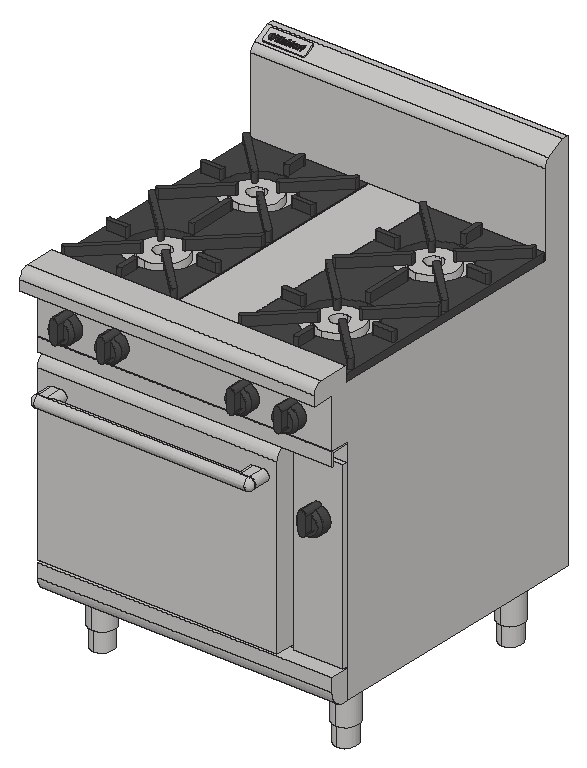
Revit family "QF_MOFFAT WALDORF_RN8510G", category Specialty Equipment, Revit 2012 (continued)
Lines and regions (mm)
  symbolic lines
    curve 170: arc (375, -617.037, 0) -> (367, -625.037, 0) -> (375, -633.037, 0) r 8
    curve 171: arc (422.424, -633.037, 0) -> (430.424, -625.037, 0) -> (422.424, -617.037, 0) r 8
    curve 172: arc (422.424, -617.037, 0) -> (414.424, -625.037, 0) -> (422.424, -633.037, 0) r 8
    curve 173: arc (327.576, -667.037, 0) -> (335.576, -659.037, 0) -> (327.576, -651.037, 0) r 8
    curve 174: arc (327.576, -651.037, 0) -> (319.576, -659.037, 0) -> (327.576, -667.037, 0) r 8
    curve 175: arc (375, -667.037, 0) -> (383, -659.037, 0) -> (375, -651.037, 0) r 8
    curve 176: arc (375, -651.037, 0) -> (367, -659.037, 0) -> (375, -667.037, 0) r 8
    curve 177: arc (422.424, -667.037, 0) -> (430.424, -659.037, 0) -> (422.424, -651.037, 0) r 8
    curve 178: arc (422.424, -651.037, 0) -> (414.424, -659.037, 0) -> (422.424, -667.037, 0) r 8
    curve 179: arc (600, -180.5, 0) -> (657, -237.5, 0) -> (600, -294.5, 0) r 57
    curve 180: arc (600, -294.5, 0) -> (543, -237.5, 0) -> (600, -180.5, 0) r 57
    curve 181: arc (600, -480.5, 0) -> (657, -537.5, 0) -> (600, -594.5, 0) r 57
    curve 182: arc (600, -594.5, 0) -> (543, -537.5, 0) -> (600, -480.5, 0) r 57
    curve 183: line (744.158, -93.966, 0) -> (628.964, -209.16, 0)
    curve 184: line (600.012, -91.33, 0) -> (600.012, -152.5, 0)
    curve 185: line (745.74, -237.366, 0) -> (685.74, -237.366, 0)
    curve 186: line (628.879, -265.113, 0) -> (743.415, -379.648, 0)
    curve 187: line (572.204, -265.64, 0) -> (462.603, -375.241, 0)
    curve 188: line (573.212, -209.684, 0) -> (463.528, -100, 0)
    curve 189: line (744.158, -681.034, 0) -> (628.964, -565.84, 0)
    curve 190: line (600.012, -683.67, 0) -> (600.012, -622.768, 0)
    curve 191: line (745.74, -537.634, 0) -> (685.74, -537.634, 0)
    curve 192: line (628.879, -509.887, 0) -> (743.415, -395.352, 0)
    curve 193: line (572.204, -509.36, 0) -> (465.344, -402.5, 0)
    curve 194: line (600.012, -447.347, 0) -> (600.012, -325.257, 0)
    curve 195: line (573.212, -565.316, 0) -> (463.611, -674.918, 0)
    curve 196: line (750, -387.5, 0) -> (450, -387.5, 0)
    curve 197: line (454.26, -237.366, 0) -> (514.26, -237.366, 0)
    curve 198: line (454.26, -537.634, 0) -> (514.26, -537.634, 0)
    curve 199: line (295.74, -237.366, 0) -> (235.74, -237.366, 0)
    curve 200: line (295.74, -537.634, 0) -> (240.74, -537.634, 0)
    curve 201: line (474.77, -20.984, 0) -> (454.77, -20.984, 0)
    curve 202: line (454.77, -20.984, 0) -> (454.77, -50.782, 0)
    curve 203: line (454.77, -50.782, 0) -> (474.77, -50.782, 0)
    curve 204: line (474.77, -50.782, 0) -> (474.77, -20.984, 0)
    curve 205: line (502.399, -20.984, 0) -> (482.399, -20.984, 0)
    curve 206: line (482.399, -20.984, 0) -> (482.399, -50.782, 0)
    curve 207: line (482.399, -50.782, 0) -> (502.399, -50.782, 0)
    curve 208: line (502.399, -50.782, 0) -> (502.399, -20.984, 0)
    curve 209: line (529.814, -20.984, 0) -> (509.814, -20.984, 0)
    curve 210: line (509.814, -20.984, 0) -> (509.814, -50.782, 0)
    curve 211: line (509.814, -50.782, 0) -> (529.814, -50.782, 0)
    curve 212: line (529.814, -50.782, 0) -> (529.814, -20.984, 0)
    curve 213: line (557.228, -20.984, 0) -> (537.228, -20.984, 0)
    curve 214: line (537.228, -20.984, 0) -> (537.228, -50.782, 0)
    curve 215: line (537.228, -50.782, 0) -> (557.228, -50.782, 0)
    curve 216: line (557.228, -50.782, 0) -> (557.228, -20.984, 0)
    curve 217: line (584.643, -20.984, 0) -> (564.643, -20.984, 0)
    curve 218: line (564.643, -20.984, 0) -> (564.643, -50.782, 0)
    curve 219: line (564.643, -50.782, 0) -> (584.643, -50.782, 0)
    curve 220: line (584.643, -50.782, 0) -> (584.643, -20.984, 0)
    curve 221: line (612.058, -20.984, 0) -> (592.058, -20.984, 0)
    curve 222: line (592.058, -20.984, 0) -> (592.058, -50.782, 0)
    curve 223: line (592.058, -50.782, 0) -> (612.058, -50.782, 0)
    curve 224: line (612.058, -50.782, 0) -> (612.058, -20.984, 0)
    curve 228: line (300, -70, 0) -> (300, -704, 0)
    curve 229: line (450, -74, 0) -> (450, -701, 0)
    curve 230: arc (149.992, -152.5, 0) -> (234.992, -237.5, 0) -> (149.992, -322.5, 0) r 85
    curve 231: arc (149.992, -322.5, 0) -> (64.992, -237.5, 0) -> (149.992, -152.5, 0) r 85
    curve 232: arc (149.988, -452.768, 0) -> (234.988, -537.768, 0) -> (149.988, -622.768, 0) r 85
    curve 233: arc (149.988, -622.768, 0) -> (64.988, -537.768, 0) -> (149.988, -452.768, 0) r 85
    curve 234: arc (600.012, -322.5, 0) -> (515.012, -237.5, 0) -> (600.012, -152.5, 0) r 85
    curve 235: arc (600.012, -152.5, 0) -> (685.012, -237.5, 0) -> (600.012, -322.5, 0) r 85
    curve 236: arc (600.012, -622.768, 0) -> (515.012, -537.768, 0) -> (600.012, -452.768, 0) r 85
    curve 237: arc (600.012, -452.768, 0) -> (685.012, -537.768, 0) -> (600.012, -622.768, 0) r 85
    curve 238: arc (149.911, -216.75, 150) -> (171.911, -238.75, 150) -> (149.911, -260.75, 150) r 22
    curve 239: arc (149.911, -260.75, 150) -> (127.911, -238.75, 150) -> (149.911, -216.75, 150) r 22
    curve 240: arc (149.911, -515.5, 150) -> (171.911, -537.5, 150) -> (149.911, -559.5, 150) r 22
    curve 241: arc (149.911, -559.5, 150) -> (127.911, -537.5, 150) -> (149.911, -515.5, 150) r 22
    curve 242: arc (600, -215.5, 150) -> (622, -237.5, 150) -> (600, -259.5, 150) r 22
    curve 243: arc (600, -259.5, 150) -> (578, -237.5, 150) -> (600, -215.5, 150) r 22
    curve 244: arc (600, -515.5, 150) -> (622, -537.5, 150) -> (600, -559.5, 150) r 22
    curve 245: arc (600, -559.5, 150) -> (578, -537.5, 150) -> (600, -515.5, 150) r 22
  symbolic lines, visible <- "Show Logo"
    curve 5: line (12.5, -51.234, 0) -> (12.5, -20.958, 0)
    curve 6: line (12.5, -20.958, 0) -> (121.5, -20.958, 0)
    curve 7: line (12.5, -51.234, 0) -> (121.5, -51.234, 0)
    curve 8: line (121.5, -20.958, 0) -> (121.5, -51.234, 0)
  symbolic lines, style "QF_Door-Drawer Clearances", visible <- "Show Clearance"
    curve 225: line (0, -805, 0) -> (0, -1211.516, 0)
    curve 226: line (0, -1211.516, 0) -> (610, -1211.516, 0)
    curve 227: line (610, -1211.516, 0) -> (610, -805, 0)
Dimensions and locks
  equal spacing: plane 3 "LEFT", plane 7 "Center Y", plane 4 "RIGHT"
  plane 3 "LEFT" to plane 4 "RIGHT" = 750 mm
  equal spacing: plane 5 "FRONT", plane 8 "Center X", plane 1 "BACK"
  plane 5 "FRONT" to plane 1 "BACK" = 805 mm  (x2)
  equal spacing: plane 4 "RIGHT", plane 7 "Center Y", plane 3 "LEFT"
  plane 4 "RIGHT" to plane 3 "LEFT" = 750 mm
  plane 6 "TOP" to level = 1130 mm  (x2)
  Extrusion 2 to level = 655 mm
  Extrusion 2 to plane 1 "BACK" = 32 mm
  Extrusion 1 to level = 915 mm
  plane 10 "Base Height" to level = 150 mm
  plane 6 "TOP" to plane 2 = 1130 mm
  locked: plane 2 to Extrusion 1 sketch curve at 875
  locked: plane 2 to Extrusion 1 sketch curve at 915
  Extrusion 5 sketch curve to plane 11 = 64.8 mm
  locked: plane 13 to plane 4 "RIGHT" at 65
  plane 14 to Extrusion 11 sketch curve = 64.8 mm
  plane 1 "BACK" to plane 15 = 500 mm
  aligned and locked: level to plane 2
  aligned and locked: curve 3 to plane 4 "RIGHT"
  aligned and locked: Extrusion 5 to curve 48
  aligned and locked: Extrusion 1 to plane 4 "RIGHT"
  aligned and locked: Revolve 8 to plane 13  (x5)
  aligned and locked: Revolve 7 to plane 13
  aligned and locked: Extrusion 9 to Extrusion 5
Automatic sketch dimensions
  curve 30 to curve 31 = 0 mm  (x2)
  curve 32 to curve 33 = 0 mm  (x2)
  curve 77 to curve 78 = 0 mm  (x2)
  curve 79 to curve 80 = 0 mm  (x2)
  curve 81 to curve 82 = 0 mm  (x2)
  curve 83 to curve 84 = 0 mm  (x2)
  curve 85 to curve 86 = 0 mm  (x2)
  curve 87 to curve 88 = 0 mm  (x2)
  curve 89 to curve 90 = 0 mm  (x2)
  curve 91 to curve 92 = 0 mm  (x2)
  curve 93 to curve 94 = 0 mm  (x2)
  curve 95 to curve 96 = 0 mm  (x2)
  curve 97 to curve 98 = 0 mm  (x2)
  curve 99 to curve 100 = 0 mm  (x2)
  curve 101 to curve 102 = 0 mm  (x2)
  curve 103 to curve 104 = 0 mm  (x2)
  curve 105 to curve 106 = 0 mm  (x2)
  curve 107 to curve 108 = 0 mm  (x2)
  curve 109 to curve 110 = 0 mm  (x2)
  curve 111 to curve 112 = 0 mm  (x2)
  curve 113 to curve 114 = 0 mm  (x2)
  curve 115 to curve 116 = 0 mm  (x2)
  curve 117 to curve 118 = 0 mm  (x2)
  curve 119 to curve 120 = 0 mm  (x2)
  curve 121 to curve 122 = 0 mm  (x2)
  curve 123 to curve 124 = 0 mm  (x2)
  curve 125 to curve 126 = 0 mm  (x2)
  curve 127 to curve 128 = 0 mm  (x2)
  curve 129 to curve 130 = 0 mm  (x2)
  curve 131 to curve 132 = 0 mm  (x2)
  curve 133 to curve 134 = 0 mm  (x2)
  curve 135 to curve 136 = 0 mm  (x2)
  curve 137 to curve 138 = 0 mm  (x2)
  curve 139 to curve 140 = 0 mm  (x2)
  curve 141 to curve 142 = 0 mm  (x2)
  curve 143 to curve 144 = 0 mm  (x2)
  curve 145 to curve 146 = 0 mm  (x2)
  curve 147 to curve 148 = 0 mm  (x2)
  curve 149 to curve 150 = 0 mm  (x2)
  curve 151 to curve 152 = 0 mm  (x2)
  curve 153 to curve 154 = 0 mm  (x2)
  curve 155 to curve 156 = 0 mm  (x2)
  curve 157 to curve 158 = 0 mm  (x2)
  curve 159 to curve 160 = 0 mm  (x2)
  curve 161 to curve 162 = 0 mm  (x2)
  curve 163 to curve 164 = 0 mm  (x2)
  curve 165 to curve 166 = 0 mm  (x2)
  curve 167 to curve 168 = 0 mm  (x2)
  curve 169 to curve 170 = 0 mm  (x2)
  curve 171 to curve 172 = 0 mm  (x2)
  curve 173 to curve 174 = 0 mm  (x2)
  curve 175 to curve 176 = 0 mm  (x2)
  curve 177 to curve 178 = 0 mm  (x2)
  curve 179 to curve 180 = 0 mm  (x2)
  curve 181 to curve 182 = 0 mm  (x2)
  curve 230 to curve 231 = 0 mm  (x2)
  curve 232 to curve 233 = 0 mm  (x2)
  curve 234 to curve 235 = 0 mm  (x2)
  curve 236 to curve 237 = 0 mm  (x2)
  plane 1 "BACK" to curve 1 = 0 mm
  curve 1 to plane 3 "LEFT" = 0 mm
  curve 44 to plane 8 "Center X" = 0 mm
  curve 39 to plane 9 = 0 mm
  curve 109 to plane 7 "Center Y" = 0 mm
  curve 158 to plane 7 "Center Y" = 0 mm
  curve 103 to plane 7 "Center Y" = 0 mm
  curve 163 to plane 7 "Center Y" = 0 mm
  curve 115 to plane 7 "Center Y" = 0 mm
  curve 98 to plane 7 "Center Y" = 0 mm
  curve 92 to plane 7 "Center Y" = 0 mm
  curve 121 to plane 7 "Center Y" = 0 mm
  curve 152 to plane 7 "Center Y" = 0 mm
  curve 169 to plane 7 "Center Y" = 0 mm
  curve 127 to plane 7 "Center Y" = 0 mm
  curve 86 to plane 7 "Center Y" = 0 mm
  curve 80 to plane 7 "Center Y" = 0 mm
  curve 133 to plane 7 "Center Y" = 0 mm
  curve 146 to plane 7 "Center Y" = 0 mm
  curve 175 to plane 7 "Center Y" = 0 mm
  curve 139 to plane 7 "Center Y" = 0 mm
  curve 188 to plane 9 = 0 mm
  curve 193 to plane 8 "Center X" = 0 mm
  plane 5 "FRONT" to curve 227 = 0 mm
  plane 3 "LEFT" to curve 36 = 4.26 mm
  plane 3 "LEFT" to curve 42 = 4.26 mm
  plane 3 "LEFT" to curve 34 = 5.842 mm
  plane 3 "LEFT" to curve 40 = 5.842 mm
  plane 3 "LEFT" to curve 43 = 6.585 mm
  plane 3 "LEFT" to curve 37 = 6.585 mm
  plane 3 "LEFT" to curve 5 = 12.5 mm
  curve 36 to curve 36 = 60 mm
  curve 42 to curve 42 = 60 mm
  curve 36 to curve 34 = 56.776 mm
  curve 42 to curve 40 = 56.776 mm
  curve 34 to curve 37 = 0.085 mm
  curve 43 to plane 15 = 9.887 mm
  curve 40 to curve 43 = 0.085 mm
  plane 9 to curve 8 = 48.766 mm
  curve 5 to curve 8 = 109 mm
  curve 7 to curve 13 = 6.5 mm
  curve 10 to curve 11 = 20 mm
  curve 43 to curve 45 = 28.867 mm
  curve 45 to curve 230 = 0.004 mm
  curve 230 to curve 31 = 0.008 mm
  curve 45 to curve 33 = 0.012 mm
  curve 12 to curve 14 = 6.789 mm
  curve 14 to curve 16 = 20 mm
  curve 30 to curve 39 = 26.788 mm
  curve 46 to plane 15 = 65.316 mm
  curve 232 to curve 46 = 26.8 mm
  curve 30 to curve 38 = 27.796 mm
  curve 44 to plane 15 = 9.36 mm
  curve 32 to curve 44 = 27.796 mm
  curve 16 to curve 20 = 7.678 mm
  curve 20 to curve 20 = 20 mm
  curve 19 to curve 24 = 6.624 mm
  curve 22 to curve 25 = 20 mm
  curve 22 to curve 26 = 6.624 mm
  curve 38 to curve 199 = 57.944 mm
  curve 44 to curve 200 = 62.944 mm
  curve 26 to curve 29 = 20 mm
  curve 26 to curve 49 = 6.936 mm
  curve 49 to curve 49 = 20 mm
  curve 44 to curve 48 = 15.344 mm
  curve 46 to curve 228 = 13.611 mm
  curve 39 to curve 228 = 13.528 mm
  plane 8 "Center X" to curve 38 = 27.259 mm
  curve 38 to curve 48 = 12.603 mm
  curve 51 to curve 54 = 7.415 mm
  curve 199 to curve 199 = 60 mm
  curve 200 to curve 200 = 55 mm
  curve 54 to curve 55 = 20 mm
  curve 53 to curve 57 = 7.415 mm
  plane 15 to curve 144 = 10.963 mm
  curve 144 to curve 145 = 47.424 mm
  curve 161 to curve 163 = 47.424 mm
  curve 107 to curve 109 = 47.424 mm
  curve 138 to curve 143 = 0 mm
  curve 77 to plane 9 = 15.037 mm
  curve 39 to curve 77 = 41.104 mm
  curve 149 to curve 143 = 0 mm
  curve 132 to curve 137 = 0 mm
  curve 46 to curve 174 = 41.187 mm
  curve 83 to curve 77 = 0 mm
  plane 8 "Center X" to curve 126 = 7.463 mm
  curve 126 to curve 131 = 0 mm
  curve 89 to curve 83 = 0 mm
  curve 120 to curve 125 = 0 mm
  curve 168 to curve 173 = 0 mm
  curve 95 to curve 89 = 0 mm
  curve 155 to curve 161 = 0 mm
  curve 114 to curve 119 = 0 mm
  curve 101 to curve 95 = 0 mm
  curve 58 to curve 60 = 20 mm
  curve 57 to curve 62 = 7.415 mm
  curve 63 to plane 7 "Center Y" = 10.104 mm
  curve 65 to plane 7 "Center Y" = 2.689 mm
  plane 7 "Center Y" to curve 65 = 17.311 mm
  curve 65 to curve 70 = 7.415 mm
  curve 70 to curve 71 = 20 mm
  plane 15 to curve 147 = 2.963 mm
  plane 7 "Center Y" to curve 147 = 47.424 mm
  curve 135 to plane 8 "Center X" = 18.537 mm
  plane 7 "Center Y" to curve 135 = 47.424 mm
  plane 8 "Center X" to curve 130 = 7.463 mm
  curve 130 to curve 135 = 0 mm
  curve 124 to curve 129 = 0 mm
  curve 153 to curve 147 = 0 mm
  curve 118 to curve 123 = 0 mm
  curve 112 to curve 117 = 0 mm
  curve 159 to curve 153 = 0 mm
  curve 106 to curve 111 = 0 mm
  curve 100 to curve 105 = 0 mm
  curve 165 to curve 159 = 0 mm
  curve 94 to curve 99 = 0 mm
  curve 88 to curve 93 = 0 mm
  curve 171 to curve 165 = 0 mm
  curve 82 to curve 87 = 0 mm
  curve 141 to curve 147 = 0 mm
  curve 177 to curve 171 = 0 mm
  curve 69 to curve 74 = 7.415 mm
  curve 73 to curve 73 = 20 mm
  curve 129 to curve 196 = 27.576 mm
  curve 105 to curve 197 = 31.836 mm
  curve 153 to curve 198 = 31.836 mm
  curve 73 to curve 202 = 7.629 mm
  plane 8 "Center X" to curve 187 = 27.259 mm
  curve 196 to curve 187 = 12.603 mm
  curve 229 to curve 188 = 13.528 mm
  curve 229 to curve 195 = 13.611 mm
  curve 196 to curve 193 = 15.344 mm
  curve 201 to curve 204 = 20 mm
  curve 201 to curve 205 = 7.629 mm
  curve 205 to curve 205 = 20 mm
  curve 205 to curve 210 = 7.415 mm
  curve 198 to curve 198 = 60 mm
  curve 197 to curve 197 = 60 mm
  curve 210 to curve 212 = 20 mm
  curve 209 to curve 214 = 7.415 mm
  curve 213 to curve 213 = 20 mm
  curve 213 to curve 217 = 7.415 mm
  curve 187 to plane 12 = 47.796 mm
  curve 193 to plane 15 = 9.36 mm
  curve 193 to plane 12 = 47.796 mm
  curve 195 to plane 12 = 46.788 mm
  curve 188 to plane 12 = 46.788 mm
  curve 218 to curve 219 = 20 mm
  curve 219 to curve 222 = 7.415 mm
  curve 227 to plane 12 = 10 mm
  curve 182 to plane 12 = 20 mm
  curve 179 to plane 12 = 20 mm
  plane 9 to curve 184 = 8.67 mm
  curve 184 to plane 12 = 19.988 mm
  curve 237 to plane 12 = 19.988 mm
  curve 194 to curve 234 = 0 mm
  curve 221 to plane 12 = 7.942 mm
  plane 12 to curve 186 = 8.879 mm
  plane 12 to curve 192 = 8.879 mm
  plane 12 to curve 189 = 8.964 mm
  plane 12 to curve 183 = 8.964 mm
  curve 191 to plane 13 = 0.74 mm
  curve 185 to plane 13 = 0.74 mm
  plane 4 "RIGHT" to curve 192 = 6.585 mm
  plane 4 "RIGHT" to curve 186 = 6.585 mm
  plane 4 "RIGHT" to curve 183 = 5.842 mm
  plane 4 "RIGHT" to curve 189 = 5.842 mm
  plane 4 "RIGHT" to curve 191 = 4.26 mm
  plane 4 "RIGHT" to curve 185 = 4.26 mm
  curve 226 to curve 1 = 406.516 mm
  curve 9 to plane 5 "FRONT" = 100 mm
  curve 228 to plane 5 "FRONT" = 101 mm
  curve 229 to plane 5 "FRONT" = 104 mm
  curve 190 to plane 5 "FRONT" = 121.33 mm
  curve 41 to plane 5 "FRONT" = 121.33 mm
  curve 9 to curve 40 = 23.966 mm
  curve 9 to curve 189 = 23.966 mm
  curve 228 to curve 46 = 29.082 mm
  curve 229 to curve 195 = 26.082 mm
  curve 229 to curve 175 = 33.963 mm
  curve 195 to curve 178 = 7.88 mm
  curve 46 to curve 173 = 7.88 mm
  curve 173 to curve 173 = 8 mm
  curve 175 to curve 176 = 8 mm
  curve 177 to curve 177 = 8 mm
  curve 173 to curve 168 = 18 mm
  curve 175 to curve 170 = 18 mm
  curve 177 to curve 171 = 18 mm
  curve 171 to curve 171 = 8 mm
  curve 169 to curve 170 = 8 mm
  curve 167 to curve 167 = 8 mm
  curve 190 to curve 237 = 60.902 mm
  curve 41 to curve 41 = 60.902 mm
  curve 171 to curve 165 = 18 mm
  curve 169 to curve 163 = 18 mm
  curve 167 to curve 162 = 18 mm
  curve 41 to curve 33 = 28.268 mm
  curve 190 to curve 182 = 28.268 mm
  curve 165 to curve 165 = 8 mm
  curve 163 to curve 163 = 8 mm
  curve 161 to curve 162 = 8 mm
  curve 181 to curve 189 = 28.66 mm
  curve 32 to curve 40 = 28.66 mm
  curve 182 to curve 195 = 29.184 mm
  curve 163 to curve 158 = 18 mm
  curve 161 to curve 155 = 18 mm
  curve 165 to curve 160 = 18 mm
  curve 159 to curve 160 = 8 mm
  curve 157 to curve 157 = 8 mm
  curve 155 to curve 156 = 8 mm
  curve 237 to plane 15 = 37.768 mm
  curve 233 to plane 15 = 37.768 mm
  curve 191 to plane 15 = 37.634 mm
  curve 200 to plane 15 = 37.634 mm
  curve 198 to plane 15 = 37.634 mm
  curve 42 to plane 15 = 37.634 mm
  curve 236 to curve 182 = 0.268 mm
  curve 232 to curve 32 = 0.268 mm
  curve 159 to curve 153 = 18 mm
  curve 155 to curve 149 = 18 mm
  curve 157 to curve 152 = 18 mm
  curve 153 to curve 154 = 8 mm
  curve 151 to curve 151 = 8 mm
  curve 149 to curve 150 = 8 mm
  curve 192 to plane 15 = 9.887 mm
  plane 15 to curve 146 = 2.963 mm
  plane 15 to curve 143 = 2.963 mm
  curve 145 to curve 145 = 8 mm
  curve 147 to curve 147 = 8 mm
  curve 147 to curve 142 = 18 mm
  curve 143 to curve 138 = 18 mm
  curve 145 to curve 139 = 18 mm
  curve 141 to curve 141 = 8 mm
  curve 139 to curve 139 = 8 mm
  curve 137 to curve 138 = 8 mm
  curve 236 to curve 194 = 5.421 mm
  curve 137 to curve 132 = 18 mm
  curve 136 to curve 135 = 8 mm
  curve 139 to curve 134 = 18 mm
  curve 133 to curve 133 = 8 mm
  curve 131 to curve 132 = 8 mm
  plane 8 "Center X" to curve 192 = 7.148 mm
  plane 8 "Center X" to curve 43 = 7.148 mm
  plane 8 "Center X" to curve 127 = 7.463 mm
  plane 8 "Center X" to curve 48 = 15 mm
  curve 192 to curve 196 = 7.852 mm
  curve 125 to curve 126 = 8 mm
  curve 127 to curve 128 = 8 mm
  curve 129 to curve 129 = 8 mm
  curve 196 to curve 186 = 7.852 mm
  curve 48 to curve 37 = 7.852 mm
  curve 129 to curve 124 = 18 mm
  curve 125 to curve 119 = 18 mm
  curve 127 to curve 122 = 18 mm
  curve 123 to curve 124 = 8 mm
  curve 121 to curve 122 = 8 mm
  curve 119 to curve 120 = 8 mm
  curve 121 to curve 115 = 18 mm
  curve 119 to curve 113 = 18 mm
  curve 123 to curve 117 = 18 mm
  plane 8 "Center X" to curve 194 = 77.243 mm
  plane 8 "Center X" to curve 45 = 77.397 mm
  curve 45 to curve 230 = 2.603 mm
  curve 194 to curve 235 = 2.757 mm
  curve 117 to curve 118 = 8 mm
  curve 113 to curve 114 = 8 mm
  curve 115 to curve 115 = 8 mm
  curve 234 to curve 179 = 28 mm
  curve 230 to curve 31 = 28 mm
  curve 117 to curve 112 = 18 mm
  curve 113 to curve 108 = 18 mm
  curve 115 to curve 110 = 18 mm
  curve 109 to curve 109 = 8 mm
  curve 111 to curve 112 = 8 mm
  curve 107 to curve 108 = 8 mm
  curve 180 to curve 187 = 28.86 mm
  curve 31 to curve 38 = 28.86 mm
  curve 179 to curve 186 = 29.387 mm
  curve 30 to curve 37 = 29.387 mm
  curve 111 to curve 106 = 18 mm
  curve 107 to curve 101 = 18 mm
  curve 109 to curve 103 = 18 mm
  curve 101 to curve 102 = 8 mm
  curve 103 to curve 103 = 8 mm
  curve 105 to curve 106 = 8 mm
  curve 38 to curve 230 = 28.14 mm
  curve 187 to curve 179 = 28.14 mm
  curve 230 to curve 31 = 0 mm
  curve 179 to curve 234 = 0 mm
  curve 37 to curve 36 = 27.747 mm
  curve 105 to curve 197 = 5.671 mm
  curve 186 to curve 185 = 27.747 mm
  curve 101 to curve 199 = 5.671 mm
  curve 101 to curve 95 = 18 mm
  curve 105 to curve 99 = 18 mm
  curve 103 to curve 97 = 18 mm
  curve 99 to curve 100 = 8 mm
  curve 97 to curve 98 = 8 mm
  curve 95 to curve 96 = 8 mm
  curve 30 to curve 39 = 27.816 mm
  curve 179 to curve 188 = 27.816 mm
  curve 234 to curve 183 = 28.34 mm
  curve 230 to curve 34 = 28.34 mm
  curve 99 to curve 93 = 18 mm
  curve 97 to curve 91 = 18 mm
  curve 95 to curve 89 = 18 mm
  curve 89 to curve 90 = 8 mm
  curve 93 to curve 94 = 8 mm
  curve 91 to curve 91 = 8 mm
  curve 89 to curve 83 = 18 mm
  curve 91 to curve 85 = 18 mm
  curve 93 to curve 87 = 18 mm
  curve 83 to curve 83 = 8 mm
  curve 85 to curve 86 = 8 mm
  curve 87 to curve 88 = 8 mm
  curve 87 to curve 81 = 18 mm
  curve 77 to curve 77 = 8 mm
  curve 85 to curve 80 = 18 mm
  curve 81 to curve 82 = 8 mm
  curve 79 to curve 80 = 8 mm
  plane 9 to curve 183 = 6.034 mm
  plane 9 to curve 34 = 6.034 mm
  plane 9 to curve 35 = 8.67 mm
  plane 9 to curve 229 = 26 mm
  curve 47 to curve 5 = 18.766 mm
  curve 184 to curve 219 = 40.547 mm
  curve 219 to curve 222 = 0 mm
  curve 228 to curve 50 = 19.218 mm
  curve 7 to curve 13 = 0.452 mm
  curve 51 to curve 54 = 0 mm
  curve 55 to curve 58 = 0 mm
  curve 29 to curve 50 = 0 mm
  curve 59 to curve 62 = 0 mm
  curve 216 to curve 218 = 0 mm
  curve 25 to curve 27 = 0 mm
  curve 63 to curve 66 = 0 mm
  curve 67 to curve 70 = 0 mm
  curve 212 to curve 214 = 0 mm
  curve 21 to curve 23 = 0 mm
  curve 208 to curve 210 = 0 mm
  curve 71 to curve 74 = 0 mm
  curve 12 to curve 17 = 0 mm
  curve 204 to curve 206 = 0 mm
  plane 1 "BACK" to curve 202 = 20.984 mm
  plane 1 "BACK" to curve 14 = 20.984 mm
  plane 1 "BACK" to curve 205 = 20.984 mm
  curve 15 to curve 18 = 0 mm
  plane 1 "BACK" to curve 209 = 20.984 mm
  plane 1 "BACK" to curve 22 = 20.984 mm
  plane 1 "BACK" to curve 213 = 20.984 mm
  plane 1 "BACK" to curve 26 = 20.984 mm
  plane 1 "BACK" to curve 217 = 20.984 mm
  plane 1 "BACK" to curve 49 = 20.984 mm
  plane 1 "BACK" to curve 221 = 20.984 mm
  plane 1 "BACK" to curve 53 = 20.984 mm
  plane 1 "BACK" to curve 57 = 20.984 mm
  curve 12 to curve 14 = 0 mm
  plane 1 "BACK" to curve 61 = 20.984 mm
  plane 1 "BACK" to curve 65 = 20.984 mm
  curve 76 to curve 201 = 0 mm
  curve 69 to curve 73 = 0 mm
  curve 10 to curve 6 = 0.026 mm
  Extrusion 1 sketch curve to plane 5 "FRONT" = 0 mm
  Extrusion 1 sketch curve to plane 10 "Base Height" = 0 mm  (x2)
  Extrusion 1 sketch curve to plane 6 "TOP" = 0 mm
  Extrusion 1 sketch curve to plane 1 "BACK" = 0 mm
  Extrusion 1 sketch curve to plane 5 "FRONT" = 24 mm
  Extrusion 1 sketch curve to plane 5 "FRONT" = 56 mm  (x2)
  Extrusion 1 sketch curve to Extrusion 1 sketch curve = 0 mm  (x2)
  Extrusion 1 sketch curve to Extrusion 1 sketch curve = 3.02 mm
  Extrusion 1 sketch curve to Extrusion 1 sketch curve = 23.174 mm
  Extrusion 1 sketch curve to Extrusion 1 sketch curve = 38 mm
  Extrusion 1 sketch curve to Extrusion 1 sketch curve = 44 mm
  Extrusion 1 sketch curve to Extrusion 1 sketch curve = 10 mm
  Extrusion 1 sketch curve to Extrusion 1 sketch curve = 44.98 mm
  Extrusion 1 sketch curve to Extrusion 1 sketch curve = 21.805 mm
  Extrusion 1 sketch curve to Extrusion 1 sketch curve = 2 mm  (x2)
  plane 9 to Extrusion 1 sketch curve = 30 mm
  Extrusion 1 sketch curve to Extrusion 1 sketch curve = 11.291 mm
  Extrusion 1 sketch curve to Extrusion 1 sketch curve = 22.582 mm
  plane 1 "BACK" to Extrusion 1 sketch curve = 16.5 mm
  Extrusion 1 sketch curve to Extrusion 1 sketch curve = 34.5 mm
  Extrusion 1 sketch curve to Extrusion 1 sketch curve = 5 mm
  Extrusion 1 sketch curve to Extrusion 1 sketch curve = 208.695 mm
  Extrusion 1 sketch curve to Extrusion 1 sketch curve = 10.5 mm
  Extrusion 1 sketch curve to Extrusion 1 sketch curve = 42.5 mm
  Extrusion 1 sketch curve to Extrusion 1 sketch curve = 3 mm
  Extrusion 1 sketch curve to Extrusion 1 sketch curve = 25 mm
  Extrusion 1 sketch curve to plane 6 "TOP" = 43.926 mm
  plane 12 to Extrusion 2 sketch curve = 0.062 mm
  plane 1 "BACK" to Extrusion 2 sketch curve = 32 mm
  Extrusion 1 to Split face 1 sketch curve = 5.177 mm
  Split face 1 sketch curve to Extrusion 1 = 9.153 mm
  Split face 1 sketch curve to Extrusion 1 = 128 mm
  Split face 1 sketch curve to Split face 1 sketch curve = 20 mm
  Extrusion 1 to Split face 2 sketch curve = 5.177 mm
  Split face 2 sketch curve to Extrusion 1 = 9.153 mm
  Split face 2 sketch curve to Extrusion 1 = 154.789 mm
  Split face 2 sketch curve to Split face 2 sketch curve = 20 mm
  Extrusion 1 to Split face 3 sketch curve = 5.177 mm
  Split face 3 sketch curve to Extrusion 1 = 9.153 mm
  Split face 3 sketch curve to Extrusion 1 = 182.467 mm
  Split face 3 sketch curve to Split face 3 sketch curve = 20 mm
  Extrusion 1 to Split face 4 sketch curve = 5.177 mm
  Split face 4 sketch curve to Extrusion 1 = 9.153 mm
  Split face 4 sketch curve to Extrusion 1 = 209.091 mm
  Split face 4 sketch curve to Split face 4 sketch curve = 20 mm
  Extrusion 1 to Split face 5 sketch curve = 5.177 mm
  Split face 5 sketch curve to Extrusion 1 = 9.153 mm
  Split face 5 sketch curve to Extrusion 1 = 235.715 mm
  Split face 5 sketch curve to Split face 5 sketch curve = 20 mm
  Extrusion 1 to Split face 6 sketch curve = 5.177 mm
  Split face 6 sketch curve to Extrusion 1 = 9.153 mm
  Split face 6 sketch curve to Extrusion 1 = 262.866 mm
  Split face 6 sketch curve to Split face 6 sketch curve = 20 mm
  Extrusion 1 to Split face 7 sketch curve = 5.177 mm
  Split face 7 sketch curve to Extrusion 1 = 9.153 mm
  Split face 7 sketch curve to Extrusion 1 = 290.281 mm
  Split face 7 sketch curve to Split face 7 sketch curve = 20 mm
  Revolve 3 sketch curve to plane 10 "Base Height" = 0 mm
  Revolve 3 sketch curve to level = 0 mm
  Revolve 3 sketch curve to plane 9 = 0 mm  (x2)
  Revolve 3 sketch curve to Revolve 3 sketch curve = 27.5 mm
  Revolve 3 sketch curve to Revolve 3 sketch curve = 31.75 mm
  Revolve 3 sketch curve to Revolve 3 sketch curve = 55 mm
  level to Revolve 3 sketch curve = 50 mm
  Revolve 3 sketch curve to Revolve 3 sketch curve = 0 mm
  Revolve 4 sketch curve to plane 10 "Base Height" = 0 mm
  Revolve 4 sketch curve to level = 0 mm
  level to Revolve 4 sketch curve = 50 mm
  Revolve 4 sketch curve to plane 5 "FRONT" = 148.25 mm
  Revolve 4 sketch curve to Revolve 4 sketch curve = 4.25 mm
  Revolve 4 sketch curve to Revolve 4 sketch curve = 27.5 mm  (x2)
  Revolve 4 sketch curve to Revolve 4 sketch curve = 55 mm
  Revolve 4 sketch curve to Revolve 4 sketch curve = 0 mm
  plane 9 to Extrusion 5 sketch curve = 29 mm
  Extrusion 5 sketch curve to Extrusion 5 sketch curve = 3 mm  (x3)
  Extrusion 5 sketch curve to plane 9 = 137.5 mm
  Extrusion 5 sketch curve to plane 15 = 37.768 mm
  Extrusion 5 sketch curve to plane 5 "FRONT" = 104 mm  (x2)
  Extrusion 5 sketch curve to plane 11 = 84.2 mm  (x2)
  Extrusion 5 sketch curve to plane 7 "Center Y" = 78 mm
  Extrusion 6 sketch curve to Extrusion 5 = 22.602 mm  (x4)
  Extrusion 6 sketch curve to Extrusion 5 = 24.96 mm  (x2)
  Extrusion 6 sketch curve to Extrusion 6 sketch curve = 4.525 mm  (x32)
  Extrusion 6 sketch curve to Extrusion 6 sketch curve = 46.204 mm  (x8)
  Extrusion 6 sketch curve to Extrusion 6 sketch curve = 59.361 mm  (x2)
  Extrusion 6 sketch curve to Extrusion 6 sketch curve = 0 mm  (x10)
  Extrusion 6 sketch curve to Extrusion 6 sketch curve = 20.39 mm  (x4)
  Extrusion 6 sketch curve to Extrusion 5 = 12.056 mm  (x2)
  Extrusion 6 sketch curve to Extrusion 6 sketch curve = 6.4 mm  (x14)
  Extrusion 6 sketch curve to Extrusion 6 sketch curve = 53.847 mm  (x16)
  Extrusion 6 sketch curve to Extrusion 6 sketch curve = 55.923 mm  (x4)
  Extrusion 6 sketch curve to Extrusion 5 = 6.102 mm  (x2)
  Extrusion 6 sketch curve to Extrusion 6 sketch curve = 128.581 mm  (x4)
  Extrusion 5 to Extrusion 6 sketch curve = 156.102 mm  (x3)
  Extrusion 6 sketch curve to Extrusion 5 = 5.102 mm  (x4)
  Extrusion 5 to Extrusion 6 sketch curve = 165.153 mm
  Extrusion 6 sketch curve to Extrusion 6 sketch curve = 12.205 mm  (x4)
  Extrusion 6 sketch curve to Extrusion 6 sketch curve = 116.204 mm  (x2)
  Extrusion 6 sketch curve to Extrusion 6 sketch curve = 20.658 mm  (x4)
  Extrusion 6 sketch curve to Extrusion 6 sketch curve = 56.036 mm  (x2)
  Extrusion 6 sketch curve to Extrusion 5 = 31.653 mm  (x4)
  Extrusion 6 sketch curve to Extrusion 5 = 28.285 mm  (x2)
  Extrusion 6 sketch curve to Extrusion 6 sketch curve = 54.765 mm  (x4)
  Extrusion 6 sketch curve to Extrusion 6 sketch curve = 20.524 mm  (x6)
  Extrusion 6 sketch curve to Extrusion 5 = 55.464 mm  (x2)
  Extrusion 6 sketch curve to Extrusion 5 = 15.153 mm
  Extrusion 6 sketch curve to Extrusion 5 = 9.26 mm  (x2)
  Extrusion 6 sketch curve to Extrusion 6 sketch curve = 3.158 mm  (x2)
  Extrusion 6 sketch curve to Extrusion 6 sketch curve = 58.561 mm  (x2)
  Extrusion 6 sketch curve to Extrusion 6 sketch curve = 128.447 mm  (x3)
  Revolve 7 sketch curve to plane 10 "Base Height" = 0 mm
  Revolve 7 sketch curve to level = 0 mm
  Revolve 7 sketch curve to plane 9 = 0 mm  (x2)
  Revolve 7 sketch curve to Revolve 7 sketch curve = 27.5 mm
  Revolve 7 sketch curve to Revolve 7 sketch curve = 31.75 mm
  level to Revolve 7 sketch curve = 50 mm
  Revolve 7 sketch curve to Revolve 7 sketch curve = 0 mm
  Revolve 7 sketch curve to Revolve 7 sketch curve = 55 mm
  Revolve 8 sketch curve to plane 10 "Base Height" = 0 mm
  Revolve 8 sketch curve to level = 0 mm
  level to Revolve 8 sketch curve = 50 mm
  Revolve 8 sketch curve to plane 5 "FRONT" = 148.25 mm
  Revolve 8 sketch curve to Revolve 8 sketch curve = 4.25 mm
  Revolve 8 sketch curve to Revolve 8 sketch curve = 27.5 mm  (x2)
  Revolve 8 sketch curve to Revolve 8 sketch curve = 0 mm
  Revolve 8 sketch curve to Revolve 8 sketch curve = 55 mm
  Extrusion 1 to Split face 8 sketch curve = 5.177 mm
  Split face 8 sketch curve to Extrusion 1 = 9.153 mm
  Split face 8 sketch curve to Extrusion 1 = 317.696 mm
  Split face 8 sketch curve to Split face 8 sketch curve = 20 mm
  Extrusion 1 to Split face 9 sketch curve = 5.177 mm
  Split face 9 sketch curve to Extrusion 1 = 9.153 mm
  Split face 9 sketch curve to Extrusion 1 = 345.11 mm
  Split face 9 sketch curve to Split face 9 sketch curve = 20 mm
  Extrusion 1 to Split face 10 sketch curve = 5.177 mm
  Split face 10 sketch curve to Extrusion 1 = 9.153 mm
  Split face 10 sketch curve to Extrusion 1 = 372.525 mm
  Split face 10 sketch curve to Split face 10 sketch curve = 20 mm
  Extrusion 1 to Split face 11 sketch curve = 5.177 mm
  Split face 11 sketch curve to Extrusion 1 = 9.153 mm
  Split face 11 sketch curve to Extrusion 1 = 350.06 mm
  Split face 11 sketch curve to Split face 11 sketch curve = 20 mm
  Extrusion 1 to Split face 12 sketch curve = 5.177 mm
  Split face 12 sketch curve to Extrusion 1 = 9.153 mm
  Split face 12 sketch curve to Extrusion 1 = 322.645 mm
  Split face 12 sketch curve to Split face 12 sketch curve = 20 mm
  Extrusion 1 to Split face 13 sketch curve = 5.177 mm
  Split face 13 sketch curve to Extrusion 1 = 9.153 mm
  Split face 13 sketch curve to Extrusion 1 = 295.23 mm
  Split face 13 sketch curve to Split face 13 sketch curve = 20 mm
  Extrusion 1 to Split face 14 sketch curve = 5.177 mm
  Split face 14 sketch curve to Extrusion 1 = 9.153 mm
  Split face 14 sketch curve to Extrusion 1 = 267.816 mm
  Split face 14 sketch curve to Split face 14 sketch curve = 20 mm
  Extrusion 1 to Split face 15 sketch curve = 5.177 mm
  Split face 15 sketch curve to Extrusion 1 = 9.153 mm
  Split face 15 sketch curve to Extrusion 1 = 240.401 mm
  Split face 15 sketch curve to Split face 15 sketch curve = 20 mm
  Extrusion 1 to Split face 16 sketch curve = 5.177 mm
  Split face 16 sketch curve to Extrusion 1 = 9.153 mm
  Split face 16 sketch curve to Extrusion 1 = 212.986 mm
  Split face 16 sketch curve to Split face 16 sketch curve = 20 mm
  Extrusion 1 to Split face 17 sketch curve = 5.177 mm
  Split face 17 sketch curve to Extrusion 1 = 9.153 mm
  Split face 17 sketch curve to Extrusion 1 = 185.571 mm
  Split face 17 sketch curve to Split face 17 sketch curve = 20 mm
  Extrusion 1 to Split face 18 sketch curve = 5.177 mm
  Split face 18 sketch curve to Extrusion 1 = 9.153 mm
  Split face 18 sketch curve to Extrusion 1 = 158.157 mm
  Split face 18 sketch curve to Split face 18 sketch curve = 20 mm
  Extrusion 1 to Extrusion 9 sketch curve = 0 mm
  Extrusion 9 sketch curve to Extrusion 1 = 1 mm
  Extrusion 1 to Extrusion 9 sketch curve = 300 mm
  Extrusion 9 sketch curve to Extrusion 9 sketch curve = 150 mm
  Extrusion 10 sketch curve to Extrusion 1 = 0 mm
  Extrusion 1 to Extrusion 10 sketch curve = 26.195 mm
  Extrusion 10 sketch curve to Extrusion 1 = 126 mm
  Extrusion 10 sketch curve to Extrusion 10 sketch curve = 14 mm
  Split face 19 sketch curve to Extrusion 9 = 45.037 mm
  Split face 19 sketch curve to Extrusion 9 = 27.576 mm
  Split face 20 sketch curve to Extrusion 9 = 45.037 mm
  Split face 20 sketch curve to Extrusion 9 = 75 mm
  Split face 21 sketch curve to Extrusion 9 = 45.037 mm
  Split face 21 sketch curve to Extrusion 9 = 27.576 mm
  Split face 22 sketch curve to Extrusion 9 = 27.576 mm
  Split face 22 sketch curve to Extrusion 9 = 79.037 mm
  Split face 23 sketch curve to Extrusion 9 = 79.037 mm
  Split face 23 sketch curve to Extrusion 9 = 75 mm
  Split face 24 sketch curve to Extrusion 9 = 27.576 mm
  Split face 24 sketch curve to Extrusion 9 = 79.037 mm
  Split face 25 sketch curve to Extrusion 9 = 27.576 mm
  Split face 25 sketch curve to Extrusion 9 = 113.037 mm
  Split face 26 sketch curve to Extrusion 9 = 113.037 mm
  Split face 26 sketch curve to Extrusion 9 = 75 mm
  Split face 27 sketch curve to Extrusion 9 = 27.576 mm
  Split face 27 sketch curve to Extrusion 9 = 113.037 mm
  Split face 28 sketch curve to Extrusion 9 = 27.576 mm
  Split face 28 sketch curve to Extrusion 9 = 147.037 mm
  Split face 29 sketch curve to Extrusion 9 = 147.037 mm
  Split face 29 sketch curve to Extrusion 9 = 75 mm
  Split face 30 sketch curve to Extrusion 9 = 27.576 mm
  Split face 30 sketch curve to Extrusion 9 = 147.037 mm
  Split face 31 sketch curve to Extrusion 9 = 27.576 mm
  Split face 31 sketch curve to Extrusion 9 = 181.037 mm
  Split face 32 sketch curve to Extrusion 9 = 75 mm
  Split face 32 sketch curve to Extrusion 9 = 181.037 mm
  Split face 33 sketch curve to Extrusion 9 = 27.576 mm
  Split face 33 sketch curve to Extrusion 9 = 181.037 mm
  Split face 34 sketch curve to Extrusion 9 = 27.576 mm
  Split face 34 sketch curve to Extrusion 9 = 215.037 mm
  Split face 35 sketch curve to Extrusion 9 = 75 mm
  Split face 35 sketch curve to Extrusion 9 = 215.037 mm
  Split face 36 sketch curve to Extrusion 9 = 27.576 mm
  Split face 36 sketch curve to Extrusion 9 = 215.037 mm
  Split face 37 sketch curve to Extrusion 9 = 27.576 mm
  Split face 37 sketch curve to Extrusion 9 = 249.037 mm
  Split face 38 sketch curve to Extrusion 9 = 75 mm
  Split face 38 sketch curve to Extrusion 9 = 249.037 mm
  Split face 39 sketch curve to Extrusion 9 = 27.576 mm
  Split face 39 sketch curve to Extrusion 9 = 249.037 mm
  Split face 40 sketch curve to Extrusion 9 = 27.576 mm
  Split face 40 sketch curve to Extrusion 9 = 283.037 mm
  Split face 41 sketch curve to Extrusion 9 = 75 mm
  Split face 41 sketch curve to Extrusion 9 = 283.037 mm
  Split face 42 sketch curve to Extrusion 9 = 27.576 mm
  Split face 42 sketch curve to Extrusion 9 = 283.037 mm
  Split face 43 sketch curve to Extrusion 9 = 27.576 mm
  Split face 43 sketch curve to Extrusion 9 = 316.963 mm
  Split face 44 sketch curve to Extrusion 9 = 75 mm
  Split face 44 sketch curve to Extrusion 9 = 316.963 mm
  Split face 45 sketch curve to Extrusion 9 = 27.576 mm
  Split face 45 sketch curve to Extrusion 9 = 316.963 mm
  Split face 46 sketch curve to Extrusion 9 = 27.576 mm
  Split face 46 sketch curve to Extrusion 9 = 282.963 mm
  Split face 47 sketch curve to Extrusion 9 = 75 mm
  Split face 47 sketch curve to Extrusion 9 = 282.963 mm
  Split face 48 sketch curve to Extrusion 9 = 27.576 mm
  Split face 48 sketch curve to Extrusion 9 = 282.963 mm
  Split face 49 sketch curve to Extrusion 9 = 27.576 mm
  Split face 49 sketch curve to Extrusion 9 = 248.963 mm
  Split face 50 sketch curve to Extrusion 9 = 75 mm
  Split face 50 sketch curve to Extrusion 9 = 248.963 mm
  Split face 51 sketch curve to Extrusion 9 = 27.576 mm
  Split face 51 sketch curve to Extrusion 9 = 248.963 mm
  Split face 52 sketch curve to Extrusion 9 = 27.576 mm
  Split face 52 sketch curve to Extrusion 9 = 214.963 mm
  Split face 53 sketch curve to Extrusion 9 = 75 mm
  Split face 53 sketch curve to Extrusion 9 = 214.963 mm
  Split face 54 sketch curve to Extrusion 9 = 27.576 mm
  Split face 54 sketch curve to Extrusion 9 = 214.963 mm
  Split face 55 sketch curve to Extrusion 9 = 27.576 mm
  Split face 55 sketch curve to Extrusion 9 = 180.963 mm
  Split face 56 sketch curve to Extrusion 9 = 75 mm
  Split face 56 sketch curve to Extrusion 9 = 180.963 mm
  Split face 57 sketch curve to Extrusion 9 = 27.576 mm
  Split face 57 sketch curve to Extrusion 9 = 180.963 mm
  Split face 58 sketch curve to Extrusion 9 = 27.576 mm
  Split face 58 sketch curve to Extrusion 9 = 146.963 mm
  Split face 59 sketch curve to Extrusion 9 = 146.963 mm
  Split face 59 sketch curve to Extrusion 9 = 75 mm
  Split face 60 sketch curve to Extrusion 9 = 27.576 mm
  Split face 60 sketch curve to Extrusion 9 = 146.963 mm
  Split face 61 sketch curve to Extrusion 9 = 27.576 mm
  Split face 61 sketch curve to Extrusion 9 = 112.963 mm
  Split face 62 sketch curve to Extrusion 9 = 112.963 mm
  Split face 62 sketch curve to Extrusion 9 = 75 mm
  Split face 63 sketch curve to Extrusion 9 = 27.576 mm
  Split face 63 sketch curve to Extrusion 9 = 112.963 mm
  Split face 64 sketch curve to Extrusion 9 = 27.576 mm
  Split face 64 sketch curve to Extrusion 9 = 78.963 mm
  Split face 65 sketch curve to Extrusion 9 = 78.963 mm
  Split face 65 sketch curve to Extrusion 9 = 75 mm
  Split face 66 sketch curve to Extrusion 9 = 27.576 mm
  Split face 66 sketch curve to Extrusion 9 = 78.963 mm
  Split face 67 sketch curve to Extrusion 9 = 44.963 mm
  Split face 67 sketch curve to Extrusion 9 = 27.576 mm
  Split face 68 sketch curve to Extrusion 9 = 44.963 mm
  Split face 68 sketch curve to Extrusion 9 = 75 mm
  Split face 69 sketch curve to Extrusion 9 = 44.963 mm
  Split face 69 sketch curve to Extrusion 9 = 27.576 mm
  plane 9 to Extrusion 11 sketch curve = 29 mm
  Extrusion 11 sketch curve to Extrusion 11 sketch curve = 3 mm  (x3)
  Extrusion 11 sketch curve to plane 12 = 20 mm  (x2)
  Extrusion 11 sketch curve to plane 9 = 137.5 mm
  Extrusion 11 sketch curve to plane 15 = 37.768 mm
  Extrusion 11 sketch curve to plane 5 "FRONT" = 104 mm  (x2)
  plane 7 "Center Y" to Extrusion 11 sketch curve = 78 mm
  Revolve 12 sketch curve to plane 5 "FRONT" = 56 mm
  Revolve 12 sketch curve to Revolve 12 sketch curve = 10 mm
  Revolve 12 sketch curve to Revolve 12 sketch curve = 21.3 mm
  Revolve 12 sketch curve to Revolve 12 sketch curve = 23 mm
  Revolve 12 sketch curve to plane 5 "FRONT" = 12 mm
  Revolve 12 sketch curve to Revolve 12 sketch curve = 0 mm  (x2)
  Revolve 12 sketch curve to plane 6 "TOP" = 333.25 mm
  Revolve 12 sketch curve to Revolve 12 sketch curve = 5 mm
  Revolve 12 sketch curve to Revolve 12 sketch curve = 26.651 mm
  Revolve 12 sketch curve to Revolve 12 sketch curve = 5.849 mm
  Revolve 13 sketch curve to plane 5 "FRONT" = 12 mm
  Revolve 13 sketch curve to Revolve 13 sketch curve = 0 mm  (x2)
  Revolve 13 sketch curve to Revolve 13 sketch curve = 11 mm
  Revolve 13 sketch curve to Revolve 13 sketch curve = 12.7 mm
  Revolve 13 sketch curve to Revolve 13 sketch curve = 23 mm
  Revolve 13 sketch curve to Revolve 13 sketch curve = 10 mm
  Revolve 13 sketch curve to plane 6 "TOP" = 300.982 mm
  Revolve 13 sketch curve to Revolve 13 sketch curve = 5.849 mm
  Revolve 13 sketch curve to Revolve 13 sketch curve = 27.5 mm
  Revolve 13 sketch curve to Revolve 13 sketch curve = 5 mm
  plane 3 "LEFT" to Extrusion 14 sketch curve = 98.75 mm
  Extrusion 14 sketch curve to Extrusion 14 sketch curve = 10 mm
  Extrusion 14 sketch curve to plane 6 "TOP" = 306.355 mm
  Extrusion 14 sketch curve to Extrusion 14 sketch curve = 39 mm
  Extrusion 15 sketch curve to plane 7 "Center Y" = 156.318 mm
  Extrusion 15 sketch curve to Extrusion 15 sketch curve = 10 mm
  Extrusion 15 sketch curve to plane 6 "TOP" = 306.355 mm
  Extrusion 15 sketch curve to Extrusion 15 sketch curve = 39 mm
  Revolve 16 sketch curve to plane 5 "FRONT" = 56 mm
  Revolve 16 sketch curve to Revolve 16 sketch curve = 10 mm
  Revolve 16 sketch curve to Revolve 16 sketch curve = 21.3 mm
  Revolve 16 sketch curve to Revolve 16 sketch curve = 23 mm
  Revolve 16 sketch curve to plane 5 "FRONT" = 12 mm
  Revolve 16 sketch curve to Revolve 16 sketch curve = 0 mm  (x2)
  Revolve 16 sketch curve to plane 6 "TOP" = 300.75 mm
  Revolve 16 sketch curve to Revolve 16 sketch curve = 5.849 mm
  Revolve 16 sketch curve to Revolve 16 sketch curve = 27.5 mm
  Revolve 16 sketch curve to Revolve 16 sketch curve = 5 mm
  Revolve 17 sketch curve to plane 5 "FRONT" = 12 mm
  Revolve 17 sketch curve to Revolve 17 sketch curve = 0 mm  (x2)
  Revolve 17 sketch curve to Revolve 17 sketch curve = 11 mm
  Revolve 17 sketch curve to Revolve 17 sketch curve = 12.7 mm
  Revolve 17 sketch curve to Revolve 17 sketch curve = 23 mm
  Revolve 17 sketch curve to Revolve 17 sketch curve = 10 mm
  Revolve 17 sketch curve to plane 6 "TOP" = 333.482 mm
  Revolve 17 sketch curve to Revolve 17 sketch curve = 5 mm
  Revolve 17 sketch curve to Revolve 17 sketch curve = 26.651 mm
  Revolve 17 sketch curve to Revolve 17 sketch curve = 5.849 mm
  plane 16 to Extrusion 18 sketch curve = 27.25 mm
  Extrusion 18 sketch curve to Extrusion 18 sketch curve = 10 mm
  Extrusion 18 sketch curve to plane 6 "TOP" = 345.355 mm
  Extrusion 18 sketch curve to Extrusion 18 sketch curve = 39 mm
  Extrusion 19 sketch curve to plane 12 = 91.25 mm
  Extrusion 19 sketch curve to Extrusion 19 sketch curve = 10 mm
  Extrusion 19 sketch curve to plane 6 "TOP" = 345.355 mm
  Extrusion 19 sketch curve to Extrusion 19 sketch curve = 39 mm
  Revolve 20 sketch curve to plane 5 "FRONT" = 54.5 mm
  Revolve 20 sketch curve to Revolve 20 sketch curve = 0 mm  (x2)
  Revolve 20 sketch curve to Revolve 20 sketch curve = 11 mm
  Revolve 20 sketch curve to Revolve 20 sketch curve = 12.7 mm
  Revolve 20 sketch curve to Revolve 20 sketch curve = 23 mm
  Revolve 20 sketch curve to Revolve 20 sketch curve = 10 mm
  plane 10 "Base Height" to Revolve 20 sketch curve = 401.062 mm
  Revolve 20 sketch curve to Revolve 20 sketch curve = 5 mm
  Revolve 20 sketch curve to Revolve 20 sketch curve = 26.651 mm
  Revolve 20 sketch curve to Revolve 20 sketch curve = 5.849 mm
  plane 4 "RIGHT" to Extrusion 21 sketch curve = 73.274 mm
  Extrusion 21 sketch curve to Extrusion 21 sketch curve = 10 mm
  plane 10 "Base Height" to Extrusion 21 sketch curve = 389.188 mm
  Extrusion 21 sketch curve to Extrusion 21 sketch curve = 39 mm
  Extrusion 22 sketch curve to Extrusion 1 = 0 mm
  Extrusion 1 to Extrusion 22 sketch curve = 0 mm
  Extrusion 1 to Extrusion 22 sketch curve = 406.516 mm
  plane 13 to Extrusion 23 sketch curve = 4 mm
  Extrusion 23 sketch curve to plane 12 = 20 mm
  Extrusion 23 sketch curve to plane 12 = 68.5 mm
  Extrusion 23 sketch curve to plane 1 "BACK" = 30.24 mm
  plane 1 "BACK" to Extrusion 23 sketch curve = 38.76 mm
  plane 9 to Extrusion 23 sketch curve = 12.74 mm
  Extrusion 24 sketch curve to Extrusion 24 sketch curve = 0 mm  (x8)
  Extrusion 1 to Extrusion 24 sketch curve = 167.5 mm
  Extrusion 1 to Extrusion 24 sketch curve = 168.75 mm
  Extrusion 24 sketch curve to Extrusion 1 = 167.5 mm  (x2)
  Extrusion 1 to Extrusion 24 sketch curve = 149.911 mm  (x2)
  Extrusion 1 to Extrusion 24 sketch curve = 150 mm  (x2)
  Extrusion 25 sketch curve to Extrusion 1 = 0 mm  (x2)
  Extrusion 1 to Extrusion 25 sketch curve = 26.195 mm
  Extrusion 25 sketch curve to Extrusion 25 sketch curve = 126 mm
  plane 3 "LEFT" to curve 238 = 149.911 mm
  curve 238 to plane 9 = 116.75 mm
  curve 238 to curve 239 = 22 mm
  curve 240 to plane 15 = 37.5 mm
  plane 3 "LEFT" to curve 240 = 149.911 mm
  curve 241 to plane 15 = 15.5 mm
  curve 243 to plane 12 = 20 mm
  curve 243 to plane 9 = 115.5 mm
  curve 242 to curve 242 = 22 mm
  curve 244 to curve 245 = 0 mm  (x2)
  curve 245 to plane 12 = 20 mm
  curve 245 to plane 15 = 15.5 mm
  curve 244 to curve 245 = 22 mm
  plane 3 "LEFT" to Extrusion 26 sketch curve = 58.528 mm
  plane 10 "Base Height" to Extrusion 26 sketch curve = 458.125 mm  (x2)
  Extrusion 26 sketch curve to plane 12 = 67.243 mm
  Extrusion 26 sketch curve to Extrusion 26 sketch curve = 15 mm  (x2)
  Extrusion 26 sketch curve to Extrusion 26 sketch curve = 20.282 mm  (x2)
  Revolve 27 sketch curve to plane 3 "LEFT" = 6.961 mm
  plane 3 "LEFT" to Revolve 27 sketch curve = 23.246 mm
  Revolve 27 sketch curve to Revolve 27 sketch curve = 15 mm
  Revolve 27 sketch curve to plane 12 = 46.961 mm
  Revolve 27 sketch curve to Revolve 27 sketch curve = 0 mm  (x2)
  plane 10 "Base Height" to Revolve 27 sketch curve = 473.125 mm
  radius of Extrusion 2 sketch curve = 13.5 mm
  radius of Extrusion 5 sketch curve = 85 mm  (x2)
  radius of Split face 19 sketch curve = 8 mm
  radius of Split face 20 sketch curve = 8 mm
  radius of Split face 21 sketch curve = 8 mm
  radius of Split face 22 sketch curve = 8 mm
  radius of Split face 23 sketch curve = 8 mm
  radius of Split face 24 sketch curve = 8 mm
  radius of Split face 25 sketch curve = 8 mm
  radius of Split face 26 sketch curve = 8 mm
  radius of Split face 27 sketch curve = 8 mm
  radius of Split face 28 sketch curve = 8 mm
  radius of Split face 29 sketch curve = 8 mm
  radius of Split face 30 sketch curve = 8 mm
  radius of Split face 31 sketch curve = 8 mm
  radius of Split face 32 sketch curve = 8 mm
  radius of Split face 33 sketch curve = 8 mm
  radius of Split face 34 sketch curve = 8 mm
  radius of Split face 35 sketch curve = 8 mm
  radius of Split face 36 sketch curve = 8 mm
  radius of Split face 37 sketch curve = 8 mm
  radius of Split face 38 sketch curve = 8 mm
  radius of Split face 39 sketch curve = 8 mm
  radius of Split face 40 sketch curve = 8 mm
  radius of Split face 41 sketch curve = 8 mm
  radius of Split face 42 sketch curve = 8 mm
  radius of Split face 43 sketch curve = 8 mm
  radius of Split face 44 sketch curve = 8 mm
  radius of Split face 45 sketch curve = 8 mm
  radius of Split face 46 sketch curve = 8 mm
  radius of Split face 47 sketch curve = 8 mm
  radius of Split face 48 sketch curve = 8 mm
  radius of Split face 49 sketch curve = 8 mm
  radius of Split face 50 sketch curve = 8 mm
  radius of Split face 51 sketch curve = 8 mm
  radius of Split face 52 sketch curve = 8 mm
  radius of Split face 53 sketch curve = 8 mm
  radius of Split face 54 sketch curve = 8 mm
  radius of Split face 55 sketch curve = 8 mm
  radius of Split face 56 sketch curve = 8 mm
  radius of Split face 57 sketch curve = 8 mm
  radius of Split face 58 sketch curve = 8 mm
  radius of Split face 59 sketch curve = 8 mm
  radius of Split face 60 sketch curve = 8 mm
  radius of Split face 61 sketch curve = 8 mm
  radius of Split face 62 sketch curve = 8 mm
  radius of Split face 63 sketch curve = 8 mm
  radius of Split face 64 sketch curve = 8 mm
  radius of Split face 65 sketch curve = 8 mm
  radius of Split face 66 sketch curve = 8 mm
  radius of Split face 67 sketch curve = 8 mm
  radius of Split face 68 sketch curve = 8 mm
  radius of Split face 69 sketch curve = 8 mm
  radius of Extrusion 11 sketch curve = 85 mm  (x2)
  radius of Extrusion 24 sketch curve = 57 mm  (x4)
  radius of Extrusion 24 sketch curve = 22 mm  (x4)
Nested families
  nested 1: "RNL8400G-CB-CASTERS" at (65, -100, 0), Show Casters <- "Show Casters", visible <- "Show Casters", type "RNL8400G-CB-CASTERS"
    with Type Mark "", Status "", Specification by User "", Show Casters no, Revision Code "", Item Number "", Installed By "", Identify Quantity as Lot yes, Furnished By "", Foodservice Equipment Identifier yes
  nested 2: "RNL8400G-CB-CASTERS" at (535, -100, 0), Show Casters <- "Show Casters", visible <- "Show Casters", type "RNL8400G-CB-CASTERS"
    with Type Mark "", Status "", Specification by User "", Show Casters no, Revision Code "", Item Number "", Installed By "", Identify Quantity as Lot yes, Furnished By "", Foodservice Equipment Identifier yes
  nested 3: "WALDORF LOGO" at (12.5, -36.099, 1102.127), visible <- "Show Logo", type "WALDORF LOGO", detail levels medium+fine
    with Type Mark "", Status "", Specification by User "", Show Logo yes, Revision Code "", Item Number "", Installed By "", Identify Quantity as Lot yes, Furnished By "", Foodservice Equipment Identifier yes
Connectors
  piping at (620.063, -32, 655)
    settings: on Extrusion 2, index 1, connector radius 0.37402", flow factor 0, pipe flow 0 GPM, pressure drop 0.00 psi, fitting loss kfactor 0, connector angle 0.00°, fixture units 0, engagement length 0 mm, flow configuration 1, flow direction 1, fitting loss method 0, system type 7, joint type 0, gender type 0, connector reference index -1, connector utility 0, adjustable connector no, is connector primary yes, fitting loss table "", connector description "GAS CONNECTION"
Definition of nested family "WALDORF LOGO"
  Parameters (values of type "BT8300-CB-LOGO")
    Weight in Pounds = 0
    URL Cutsheet = ""
    Type Mark [instance] = ""
    Status [instance] = ""
    Specification by User [instance] = ""
    Specification by Manufacturer = ""
    Show Logo [instance] = yes
    Serial Number = ""
    Seismic Rating = ""
    SMACNA No = ""
    Revision Code [instance] = ""
    Omniclass Number and Title = ""
    NAFEM Spec ID Number = ""
    Masterspec = ""
    Item Number [instance] = ""
    Installed By [instance] = ""
    Identify Quantity as Lot [instance] = yes
    Furnished By [instance] = ""
    Foodservice Equipment Identifier [instance] = yes
    CSI MasterFormat = ""
    CSI Master Format = ""
  Reference planes
    plane 1 "BACK": y = 0
    plane 2: z = 0
    plane 3 "LEFT": x = 0
    plane 4 "RIGHT": x = 109
    plane 5 "FRONT": y = -1.588
    plane 6 "TOP": z = 34.14
    plane 7 "Center Y": x = 54.5
    plane 8 "Center X": y = -0.794
  Forms (mm)
    Extrusion 1, solid, material "QF_Finishes_Stainless Steel", visible <- "Show Logo"
      sketch origin (0, -15.16, 7.701) x (1, 0, 0) y (0, 0.863373, 0.504566)
        loop
          arc (5, 34.14) -> (1.464, 32.676) -> (0, 29.14) r 5
          line (0, 29.14) -> (0, 5)
          arc (0, 5) -> (1.464, 1.464) -> (5, 0) r 5
          line (5, 0) -> (104, 0)
          arc (104, 0) -> (107.536, 1.464) -> (109, 5) r 5
          line (109, 5) -> (109, 29.14)
          arc (109, 29.14) -> (107.536, 32.676) -> (104, 34.14) r 5
          line (104, 34.14) -> (5, 34.14)
      from 0 to 1.588
    Extrusion 2, solid, material "QF_Finishes_Black", visible <- "Show Logo"
      sketch origin (0, -15.961, 9.072) x (1, 0, 0) y (0, 0.863373, 0.504566)
        loop
          line (24.772, 23.214) -> (27.992, 10.301) -> (31.551, 10.301) -> (33.443, 17.364) -> (35.205, 10.301) -> (39.332, 10.301) -> (42.077, 23.214) -> (38.352, 23.214) -> (36.676, 15.33) -> (35, 23.214) -> (31.752, 23.214) -> (30.076, 15.33) -> (28.4, 23.214) -> (24.772, 23.214)
        loop
          line (42.272, 17.055) -> (45.703, 17.055)
          spline (45.703, 17.055) -> (45.741, 17.285) -> (45.852, 17.499) -> (46.028, 17.682) -> (46.258, 17.823) -> (46.526, 17.912) -> (46.813, 17.942) -> (47.1, 17.912) -> (47.368, 17.823) -> (47.597, 17.682) -> (47.774, 17.499) -> (47.884, 17.285) -> (47.922, 17.055)
          line (47.922, 17.055) -> (47.922, 16.222)
          arc (47.922, 16.222) -> (45.742, 16.014) -> (43.665, 15.317) r 9.604
          arc (43.665, 15.317) -> (41.924, 12.809) -> (43.665, 10.301) r 2.677
          arc (43.665, 10.301) -> (45.527, 10.353) -> (47.332, 10.816) r 8.365
          line (47.332, 10.816) -> (48.092, 11.105) -> (48.092, 10.301) -> (51.817, 10.301) -> (51.817, 17.055)
          spline (51.817, 17.055) -> (51.654, 17.821) -> (51.178, 18.535) -> (50.419, 19.148) -> (49.431, 19.619) -> (48.28, 19.914) -> (47.044, 20.015) -> (45.809, 19.914) -> (44.658, 19.619) -> (43.67, 19.148) -> (42.911, 18.535) -> (42.434, 17.821) -> (42.272, 17.055)
        loop
          line (53.151, 23.214) -> (53.151, 10.301) -> (57.37, 10.301) -> (57.37, 23.214) -> (53.151, 23.214)
        loop
          line (64.874, 23.214) -> (64.874, 18.857)
          arc (64.874, 18.857) -> (58.083, 15.11) -> (64.874, 11.363) r 4.429
          line (64.874, 11.363) -> (64.874, 10.301) -> (68.378, 10.301) -> (68.378, 23.214) -> (64.874, 23.214)
        loop
          arc (64.874, 16.083) -> (61.41, 14.987) -> (64.874, 13.891) r 1.905
          line (64.874, 13.891) -> (64.874, 16.083)
        loop
          circle (74.623, 15.223) r 5
        loop
          spline (74.623, 17.856) -> (74.355, 17.766) -> (74.105, 17.503) -> (73.891, 17.084) -> (73.726, 16.539) -> (73.623, 15.904) -> (73.588, 15.223) -> (73.623, 14.541) -> (73.726, 13.906) -> (73.891, 13.361) -> (74.105, 12.942) -> (74.355, 12.679) -> (74.623, 12.59)
          spline (74.623, 12.59) -> (74.891, 12.679) -> (75.141, 12.942) -> (75.355, 13.361) -> (75.52, 13.906) -> (75.623, 14.541) -> (75.659, 15.223) -> (75.623, 15.904) -> (75.52, 16.539) -> (75.355, 17.084) -> (75.141, 17.503) -> (74.891, 17.766) -> (74.623, 17.856)
        loop
          line (81.255, 19.813) -> (81.255, 10.301) -> (84.834, 10.301) -> (84.834, 14.176)
          arc (84.834, 14.176) -> (85.854, 16.093) -> (88.013, 16.32) r 2.313
          line (88.013, 16.32) -> (88.013, 19.813) -> (87.161, 19.813)
          arc (87.161, 19.813) -> (85.526, 19.266) -> (84.549, 17.844) r 2.717
